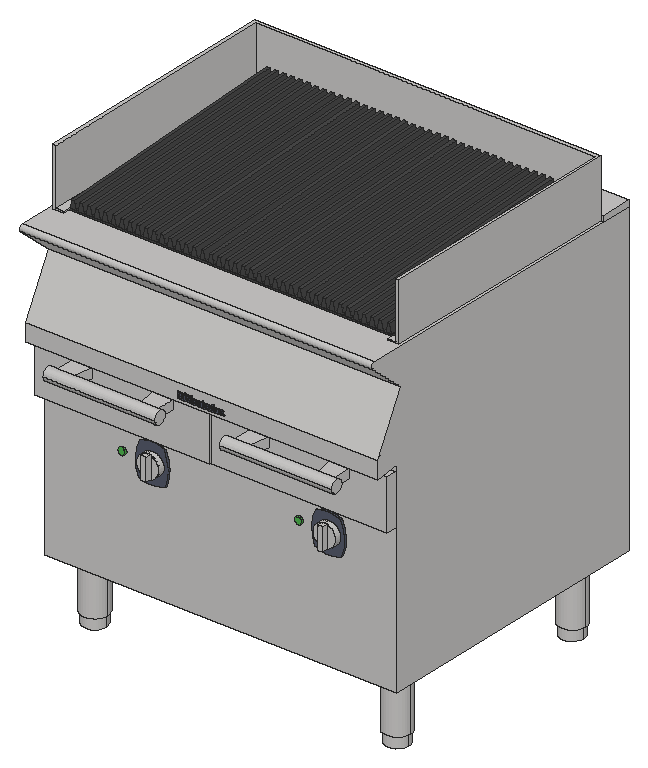
Revit family "QF_ELECTROLUXPROFESSIONAL_371438_E7JJATBAMEI", category Attrezzature speciali, Revit 2018 (continued)
Nested families
  nested 31: "371065_QF_Electrolux_GRILL" at (568.729, -76.2, 850.769), type "371065_QF_Electrolux_GRILL"
    with Type Mark "", Specification by User "", Revision Code "", Item Number "", Installed By "", Identify Quantity as Lot yes, Furnished By "", Foodservice Equipment Identifier yes
  nested 32: "371065_QF_Electrolux_GRILL" at (587.12, -76.2, 850.769), type "371065_QF_Electrolux_GRILL"
    with Type Mark "", Specification by User "", Revision Code "", Item Number "", Installed By "", Identify Quantity as Lot yes, Furnished By "", Foodservice Equipment Identifier yes
  nested 33: "371065_QF_Electrolux_GRILL" at (605.51, -76.2, 850.769), type "371065_QF_Electrolux_GRILL"
    with Type Mark "", Specification by User "", Revision Code "", Item Number "", Installed By "", Identify Quantity as Lot yes, Furnished By "", Foodservice Equipment Identifier yes
  nested 34: "371065_QF_Electrolux_GRILL" at (623.901, -76.2, 850.769), type "371065_QF_Electrolux_GRILL"
    with Type Mark "", Specification by User "", Revision Code "", Item Number "", Installed By "", Identify Quantity as Lot yes, Furnished By "", Foodservice Equipment Identifier yes
  nested 35: "371065_QF_Electrolux_GRILL" at (642.291, -76.2, 850.769), type "371065_QF_Electrolux_GRILL"
    with Type Mark "", Specification by User "", Revision Code "", Item Number "", Installed By "", Identify Quantity as Lot yes, Furnished By "", Foodservice Equipment Identifier yes
  nested 36: "371065_QF_Electrolux_GRILL" at (660.681, -76.2, 850.769), type "371065_QF_Electrolux_GRILL"
    with Type Mark "", Specification by User "", Revision Code "", Item Number "", Installed By "", Identify Quantity as Lot yes, Furnished By "", Foodservice Equipment Identifier yes
  nested 37: "371065_QF_Electrolux_GRILL" at (679.072, -76.2, 850.769), type "371065_QF_Electrolux_GRILL"
    with Type Mark "", Specification by User "", Revision Code "", Item Number "", Installed By "", Identify Quantity as Lot yes, Furnished By "", Foodservice Equipment Identifier yes
  nested 38: "371065_QF_Electrolux_GRILL" at (697.462, -76.2, 850.769), type "371065_QF_Electrolux_GRILL"
    with Type Mark "", Specification by User "", Revision Code "", Item Number "", Installed By "", Identify Quantity as Lot yes, Furnished By "", Foodservice Equipment Identifier yes
  nested 39: "371065_QF_Electrolux_GRILL" at (715.853, -76.2, 850.769), type "371065_QF_Electrolux_GRILL"
    with Type Mark "", Specification by User "", Revision Code "", Item Number "", Installed By "", Identify Quantity as Lot yes, Furnished By "", Foodservice Equipment Identifier yes
  nested 40: "371065_QF_Electrolux_GRILL" at (734.243, -76.2, 850.769), type "371065_QF_Electrolux_GRILL"
    with Type Mark "", Specification by User "", Revision Code "", Item Number "", Installed By "", Identify Quantity as Lot yes, Furnished By "", Foodservice Equipment Identifier yes
Connectors
  piping at (757.238, -466.725, 150), diameter 12.7, driven by "Gas Size"
    settings: on Extrusion 7, index 1, connector inside diameter 0.50394", connector length 0 mm, flow factor 0, pipe flow 0 GPM, pressure drop 0.00 psi, fitting loss kfactor 0, connector angle 0.00°, fixture units 0, engagement length 0 mm, angle of deflection 0.00°, flow configuration 1, flow direction 1, fitting loss method 0, system type 7, joint type 0, gender type 0, connector reference index -1, connector utility 0, adjustable connector no, is connector primary yes, connector description "Gas Connection"
Definition of nested family "371065_QF_Electrolux_GRILL"
  Parameters
    Weight in Pounds = 0
    URL Cutsheet = ""
    URL = ""
    Type Mark [instance] = ""
    Specification by User [instance] = ""
    Specification by Manufacturer = ""
    Serial Number = ""
    Seismic Rating = ""
    SMACNA No = ""
    Revision Code [instance] = ""
    Omniclass Number and Title = ""
    NAFEM Spec ID Number = ""
    Model = ""
    Masterspec = ""
    Manufacturer = ""
    Item Number [instance] = ""
    Installed By [instance] = ""
    Identify Quantity as Lot [instance] = yes
    Furnished By [instance] = ""
    Foodservice Equipment Identifier [instance] = yes
    Description = ""
    CSI MasterFormat = ""
    CSI Master Format = ""
    Assembly Code = ""
  Reference planes
    plane 1 "BACK": y = 0
    plane 2: z = 0
    plane 3 "LEFT": x = 0
    plane 4 "RIGHT": x = 12.7
    plane 5 "FRONT": y = -553.21
    plane 6 "TOP": z = 19.576
    plane 7 "Center Y": x = 6.35
    plane 8 "Center X": y = -276.605
  Forms (mm)
    Extrusion 1, solid
      sketch origin (-1.421, -500.379, -5.797) x (1, 0, 0) y (0, -0.050999, 0.998699)
        loop
          line (1.421, 12.7) -> (14.121, 12.7) -> (11.081, 32.276) -> (4.46, 32.276) -> (1.421, 12.7)
      from 52.345 to -501.68
  Lines and regions (mm)
    symbolic lines
      curve 1: line (0, 0, 0) -> (12.7, 0, 0)
      curve 2: line (0, -553.304, 0) -> (0, 0, 0)
      curve 3: line (12.7, -553.304, 0) -> (0, -553.304, 0)
      curve 4: line (12.7, 0, 0) -> (12.7, -553.304, 0)
  Dimensions and locks
    equal spacing: plane 3 "LEFT", plane 7 "Center Y", plane 4 "RIGHT"
    plane 3 "LEFT" to plane 4 "RIGHT" = 12.7 mm
    equal spacing: plane 5 "FRONT", plane 8 "Center X", plane 1 "BACK"
    plane 5 "FRONT" to plane 1 "BACK" = 553.21 mm
    plane 6 "TOP" to level = 19.576 mm
    plane 1 "BACK" to plane 5 "FRONT" = 553.21 mm
    aligned and locked: level to plane 2
  Automatic sketch dimensions
    Extrusion 1 sketch curve to plane 3 "LEFT" = 0 mm
    Extrusion 1 sketch curve to plane 4 "RIGHT" = 0 mm
    plane 3 "LEFT" to Extrusion 1 sketch curve = 3.039 mm
    Extrusion 1 sketch curve to plane 4 "RIGHT" = 3.039 mm
    Extrusion 1 sketch curve to Extrusion 1 sketch curve = 19.576 mm
    curve 3 to plane 3 "LEFT" = 0 mm
    curve 3 to plane 4 "RIGHT" = 0 mm
    plane 1 "BACK" to curve 2 = 0 mm
    plane 5 "FRONT" to curve 4 = 0.094 mm
Types (2, lengths in mm): name | URL | Modello | Produttore | Gas Size | Descrizione
  (no name) | "www.electrolux.com/foodservice" | "371047" | "ELECTROLUX" | 0" | "700XP Full Module Freestanding Gas Char-Grill"
  Standard | "https://www.electroluxprofessional.com/" | "E7JJATBAMEI" | "Electrolux Professional" | 1/2" | "GAS GRILL ON BASE 800MM - QMARK"
